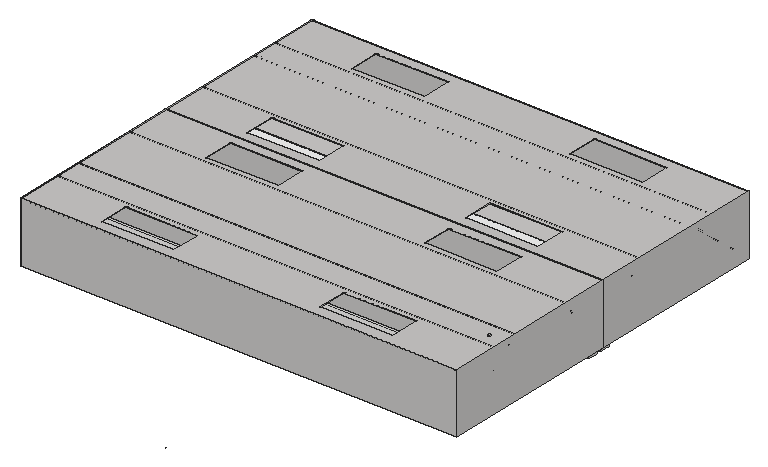
Revit family "QF_ELECTROLUXPROFESSIONAL_641397_STCF3036", category Attrezzature speciali, Revit 2021
Family settings
  Quota connettore circolare = Usa diametro
  Tipo di parte = Normale
  Basato su piano di lavoro = No
  Sempre verticale = Sì
  Taglio con vuoti quando caricato = No
  Condiviso = No
  Punto di calcolo locali = No
Parameters (values of type "Standard")
  Weight = 225.00 kg
  Watts = 640 W
  Volts = 220 V
  URL Manufacturer = "https://www.electroluxprofessional.com/"
  URL = "https://www.electroluxprofessional.com/"
  Steam Supply Size = 0 mm
  Steam Supply Minimum Pressure = 0.0 Pa
  Steam Supply Maximum Pressure = 0.0 Pa
  Steam Consumption per Hour = 0
  Refrigeration Suction Line Size = 0.0 mm
  Refrigeration Liquid Line Size = 0.0 mm
  Refrigerant Compressor Remote = yes
  Prospetto di default = 0.0 mm
  Produttore = "Electrolux Professional"
  Phase = 1
  Modello = "STCF3036"
  Length Actual = 3600.0 mm  # constant formula
  Item Number = "641397"
  Hot Water Size = 0 mm
  Height Actual = 500.0 mm  # constant formula
  HP = "0.9 HP"
  Gas Size = 0 mm
  Gas KW = 0
  Gas Input Pressure = 0 W
  Direct Waste Size = 0 mm
  Descrizione = "304 S/S ISLAND HOOD+FILT.+LAMPS 360X300"
  Depth Actual = 3000.0 mm  # constant formula
  Cycle = 50 Hz
  Condensate Return Size = 0 mm
  Compressed Air Volume = 0.0 L/s
  Compressed Air Size = 0 mm
  Compressed Air Pressure = 0.0 Pa
  Cold Water Size = 0 mm
  Accessory = yes
Reference planes
  plane 1 "Center (Front/Back)": y = 0
  plane 2: z = 0
  plane 3 "Center (Left/Right)": x = 400
  plane 4 "LEFT": x = -1400
  plane 5 "RIGHT": x = 2200
  plane 6 "BACK": y = 1500
  plane 7 "FRONT": y = -1500
  plane 8 "Base": z = 2000
  plane 9 "EIx": x = 2080
  plane 10 "Top": z = 2500
  plane 11 "BaseHood": z = 2000
  plane 12: y = -1020
Forms (mm)
  Extrusion 1, solid, material "QF_Finishes_Stainless Steel"
    sketch origin (0, -1020, 2500) x (0, 1, 0) y (-1, 0, 0)
      loop
        circle (0, -2080) r 10
    from 0 to 1.6
Dimensions and locks
  equal spacing: plane 6 "BACK", plane 1 "Center (Front/Back)", plane 7 "FRONT"
  plane 6 "BACK" to plane 7 "FRONT" = 3000.0 mm  (x2)
  locked: plane 9 "EIx" to plane 5 "RIGHT" at 120
  plane 11 "BaseHood" to level = 2000.0 mm
  plane 10 "Top" to plane 11 "BaseHood" = 500.0 mm
  equal spacing: plane 4 "LEFT", plane 3 "Center (Left/Right)", plane 5 "RIGHT"
  plane 4 "LEFT" to plane 5 "RIGHT" = 3600.0 mm
  nested 2 to plane 6 "BACK" = 1500.0 mm
  plane 12 to plane 7 "FRONT" = 480.0 mm
  aligned and locked: level to plane 2
Automatic sketch dimensions
  plane 1 "Center (Front/Back)" to Extrusion 1 sketch curve = 1020.0 mm
  Extrusion 1 sketch curve to plane 9 "EIx" = 0.0 mm
  radius of Extrusion 1 sketch curve = 10.0 mm
Nested families
  nested 1: "QF_ELECTROLUXPROFESSIONAL_641263" at (250, -550, 0), type "QF_ELECTROLUXPROFESSIONAL_641263"
  nested 2: "QF_ELECTROLUXPROFESSIONAL_641263" at (250, 550, 0), type "QF_ELECTROLUXPROFESSIONAL_641263"
Connectors
  hvac at (-500, -1289, 2505)
    settings: on nested 1, index 1, duct flow 0.0 L/s, flow factor 0, pres drop 0.0 Pa, loss coef 0, conn angle 0.00°, conn width 250 mm, conn height 600 mm, conn diameter 609.6 mm, duct sys type 1, conn prof type 1, flow config 1, flow direction 1, loss method 0, conn ref index -1, conn util no, is conn primary yes, conn desc "AIR INLET"
  hvac at (-500, 1289, 2505)
    settings: on nested 2, index 4, duct flow 0.0 L/s, flow factor 0, pres drop 0.0 Pa, loss coef 0, conn angle 0.00°, conn width 600 mm, conn height 250 mm, conn diameter 609.6 mm, duct sys type 1, conn prof type 1, flow config 1, flow direction 1, loss method 0, conn ref index -1, conn util no, is conn primary no, conn desc "AIR INLET"
  hvac at (1300, 1289, 2505)
    settings: on nested 2, index 5, duct flow 0.0 L/s, flow factor 0, pres drop 0.0 Pa, loss coef 0, conn angle 0.00°, conn width 600 mm, conn height 250 mm, conn diameter 609.6 mm, duct sys type 1, conn prof type 1, flow config 1, flow direction 1, loss method 0, conn ref index -1, conn util no, is conn primary no, conn desc "AIR INLET"
  hvac at (1300, -1289, 2505)
    settings: on nested 1, index 8, duct flow 0.0 L/s, flow factor 0, pres drop 0.0 Pa, loss coef 0, conn angle 0.00°, conn width 250 mm, conn height 600 mm, conn diameter 609.6 mm, duct sys type 1, conn prof type 1, flow config 1, flow direction 1, loss method 0, conn ref index -1, conn util no, is conn primary no, conn desc "AIR INLET"
  piping at (2080, 60, 1970), diameter 9.5
    settings: on nested 2, index 9, connector inside diameter 609.6 mm, connector length 0.0 mm, flow factor 0, pipe flow 0.0 L/s, pressure drop 0.0 Pa, fitting loss kfactor 0, connector angle 0.00°, fixture units 0, engagement length 0.0 mm, angle of deflection 0.00°, flow configuration 1, flow direction 2, fitting loss method 0, system type 16, joint type 0, gender type 0, connector reference index -1, connector utility 0, adjustable connector no, is connector primary yes, connector description "Drain"
  piping at (2080, -60, 1970), diameter 9.5
    settings: on nested 1, index 10, connector inside diameter 609.6 mm, connector length 0.0 mm, flow factor 0, pipe flow 0.0 L/s, pressure drop 0.0 Pa, fitting loss kfactor 0, connector angle 0.00°, fixture units 0, engagement length 0.0 mm, angle of deflection 0.00°, flow configuration 1, flow direction 2, fitting loss method 0, system type 16, joint type 0, gender type 0, connector reference index -1, connector utility 0, adjustable connector no, is connector primary no, connector description "Drain"
  electrical at (2080, -1020, 2501.6), driven by "Volts"
    settings: on Extrusion 1, index 11, voltage 220 V, apparent load 0 VA, apparent load phase1 0 VA, apparent load phase2 0 VA, apparent load phase3 0 VA, power factor 1, load classification "Other", number of poles 1, system type 30, power factor state 1, is connector primary yes, connector utility no, sub classification motor no, connector description "Electrical Connection"
  hvac at (-500, 211, 2500)
    settings: on nested 2, index 12, duct flow 0.0 L/s, flow factor 0, pres drop 0.0 Pa, loss coef 0, conn angle 0.00°, conn width 250 mm, conn height 600 mm, conn diameter 609.6 mm, duct sys type 3, conn prof type 1, flow config 1, flow direction 2, loss method 0, conn ref index -1, conn util no, is conn primary no, conn desc "EXHAUST OUTLET"
  hvac at (-500, -211, 2500)
    settings: on nested 1, index 13, duct flow 0.0 L/s, flow factor 0, pres drop 0.0 Pa, loss coef 0, conn angle 0.00°, conn width 600 mm, conn height 250 mm, conn diameter 609.6 mm, duct sys type 3, conn prof type 1, flow config 1, flow direction 2, loss method 0, conn ref index -1, conn util no, is conn primary no, conn desc "EXHAUST OUTLET"
  hvac at (1300, 211, 2500)
    settings: on nested 2, index 14, duct flow 0.0 L/s, flow factor 0, pres drop 0.0 Pa, loss coef 0, conn angle 0.00°, conn width 250 mm, conn height 600 mm, conn diameter 609.6 mm, duct sys type 3, conn prof type 1, flow config 1, flow direction 2, loss method 0, conn ref index -1, conn util no, is conn primary no, conn desc "EXHAUST OUTLET"
  hvac at (1300, -211, 2500)
    settings: on nested 1, index 15, duct flow 0.0 L/s, flow factor 0, pres drop 0.0 Pa, loss coef 0, conn angle 0.00°, conn width 600 mm, conn height 250 mm, conn diameter 609.6 mm, duct sys type 3, conn prof type 1, flow config 1, flow direction 2, loss method 0, conn ref index -1, conn util no, is conn primary no, conn desc "EXHAUST OUTLET"
Definition of nested family "QF_ELECTROLUXPROFESSIONAL_641263"
  Parameters
    Default Elevation = 0.0 mm
  Reference planes
    plane 1: z = 0
    plane 2 "Center (Left/Right)": x = 150
    plane 3 "LEFT": x = -1650
    plane 4 "RIGHT": x = 1950
    plane 5 "BACK": y = 550
    plane 6 "TOP": z = 2500
    plane 7 "Base": z = 2000
    plane 8: z = 1955
    plane 9 "DrainY": y = 490
    plane 10: x = -1647
    plane 11 "DrainX": x = 1830
    plane 12 "AOLeft2": x = -450
    plane 13 "AORight1": x = 750
    plane 14: x = 1947
    plane 15: x = -1450
    plane 16: x = 1750
    plane 17 "Center (Front/Back)": y = -200
    plane 18 "Front": y = -950
    plane 19 "AOLeft1": x = -1050
    plane 20 "AORight2": x = 1350
    plane 21: y = -864
    plane 22: y = -614
    plane 23 "EI_y": y = -470
    plane 24 "EIx": x = 1830
    plane 25: y = 464
    plane 26: y = 214
  Forms (mm)
    Extrusion 1, solid
      sketch origin (-1650, 0, 360) x (0, 1, 0) y (0, 0, 1)
        loop
          line (550, 1640) -> (550, 2140) -> (-950, 2140) -> (-950, 1640) -> (550, 1640)
      from 0 to 3
    Extrusion 2, solid
      sketch origin (1950, 0, 360) x (0, 1, 0) y (0, 0, 1)
        loop
          line (550, 1640) -> (550, 2140) -> (-950, 2140) -> (-950, 1640) -> (550, 1640)
      from 0 to -3
    Extrusion 3, solid
      sketch origin (150, 0, 360) x (0, 1, 0) y (0, 0, 1)
        loop
          line (-950, 2140) -> (-950, 1640) -> (-940, 1640) -> (-940, 1640.8) -> (-949.2, 1640.8) -> (-949.2, 2139.19) -> (549.2, 2139.19) -> (549.2, 1640.8) -> (540, 1640.8) -> (540, 1640) -> (550, 1640) -> (550, 2140) -> (-950, 2140)
      from -1800 to 1800
    Extrusion 4, solid
      sketch origin (0, 0, 2000) x (0, 1, 0) y (-1, 0, 0)
        loop
          circle (490, -1830) r 4.763
      from -30 to 0
    Extrusion 5, void
      sketch origin (0, 0, 2500) x (0, 1, 0) y (-1, 0, 0)
        loop
          line (-614, 450) -> (-614, 1050) -> (-864, 1050) -> (-864, 450) -> (-614, 450)
      from 0 to -10
    Extrusion 6, solid
      sketch origin (0, 0, 0) x (1, 0, 0) y (0, 1, 0)
        loop
          line (-1650, 550) -> (-1650, 549) -> (-1649, 549) -> (-1649, 550) -> (-1650, 550)
      from 0 to 1
    Extrusion 7, solid
      sketch origin (150, 0, 360) x (0, 1, 0) y (0, 0, 1)
        loop
          line (-572.823, 1962.324) -> (-418.948, 2086.929) -> (-427.129, 2097.032) -> (-581.003, 1972.426) -> (-572.823, 1962.324)
      from 1797 to -1797
    Sweep 8, solid
      path origin (0, 0, 0) x (1, 0, 0) y (0, 1, 0)
        loop
          line (1950, 550) -> (-1650, 550) -> (-1650, -950) -> (1950, -950) -> (1950, 550)
      profile origin (1950, -200, 0) x (1, 0, 0) y (0, 0, 1)
        loop
          line (-3, 2000) -> (-3, 2000.8) -> (-19, 2000.8) -> (-19, 2010) -> (-20, 2010) -> (-20, 2000) -> (-3, 2000)
    Extrusion 9, solid
      sketch origin (150, 0, 0) x (0, 1, 0) y (0, 0, 1)
        loop
          line (414.66, 2095.469) -> (440.643, 2110.471) -> (261.744, 2411.771) -> (235.948, 2396.455) -> (414.66, 2095.469)
      from -1797 to -1600
    Extrusion 10, void
      sketch origin (1134.605, 0, 2500) x (0, 1, 0) y (-1, 0, 0)
        loop
          line (-614, -215.395) -> (-614, 384.605) -> (-864, 384.605) -> (-864, -215.395) -> (-614, -215.395)
      from 0 to -10
    Extrusion 11, solid
      sketch origin (1830, 0, 0) x (0, 1, 0) y (0, 0, 1)
        loop
          line (539, 2000) -> (441, 2000) -> (441, 1989) -> (448.5, 1989) -> (448.5, 1965)
          arc (448.5, 1965) -> (451.429, 1957.929) -> (458.5, 1955) r 10
          line (458.5, 1955) -> (521.5, 1955)
          arc (521.5, 1955) -> (528.571, 1957.929) -> (531.5, 1965) r 10
          line (531.5, 1965) -> (531.5, 1989) -> (539, 1989) -> (539, 2000)
      from 90 to -90
    Extrusion 12, solid
      sketch origin (150, 0, 0) x (0, 1, 0) y (0, 0, 1)
        loop
          line (414.66, 2095.469) -> (440.643, 2110.471) -> (261.744, 2411.771) -> (235.948, 2396.455) -> (414.66, 2095.469)
      from 1600 to 1797
    Extrusion 13, solid
      sketch origin (150, 0, 0) x (0, 1, 0) y (0, 0, 1)
        loop
          line (414.66, 2095.469) -> (440.643, 2110.471) -> (261.744, 2411.771) -> (235.948, 2396.455) -> (414.66, 2095.469)
      from -1600 to 1600
    Extrusion 14, void
      sketch origin (0, 1180, 2500) x (0, 1, 0) y (-1, 0, 0)
        loop
          line (-716, 450) -> (-716, 1050) -> (-966, 1050) -> (-966, 450) -> (-716, 450)
      from 0 to -10
    Extrusion 15, void
      sketch origin (1600, 1180, 2500) x (0, 1, 0) y (-1, 0, 0)
        loop
          line (-716, 250) -> (-716, 850) -> (-966, 850) -> (-966, 250) -> (-716, 250)
      from 0 to -10
    Extrusion 16, solid
      sketch origin (150, 0, 360) x (0, 1, 0) y (0, 0, 1)
        loop
          line (430.005, 1640) -> (540, 1640) -> (540, 1640.8) -> (430.467, 1640.8) -> (371.906, 1742.23) -> (414.858, 1734.657) -> (442.266, 1750.481) -> (442.266, 1765.943) -> (441.466, 1765.943) -> (441.466, 1750.943) -> (414.709, 1735.495) -> (321.153, 1751.991) -> (320.875, 1750.416) -> (371.4, 1741.507) -> (430.005, 1640)
        loop
          line (172.529, 2139.19) -> (242.893, 2017.316) -> (245.133, 2018.715) -> (240.13, 2027.381) -> (238.569, 2026.405) -> (173.453, 2139.19) -> (172.529, 2139.19)
      from -1797 to 1797
    Extrusion 17, solid
      sketch origin (150, 200.8, 360) x (0, 1, 0) y (0, 0, 1)
        loop
          line (-1150, 2139.19) -> (-1150, 1640) -> (-1086.602, 1640) -> (-999.146, 1690.493) -> (-1010.058, 1709.394) -> (-1066.564, 1676.77) -> (-1114.704, 1680.982) -> (-1149.2, 1730.248) -> (-1149.2, 2139.19) -> (-1150, 2139.19)
        loop
          line (-773.6, 1961.694) -> (-781.937, 1971.99) -> (-769.095, 1982.182) -> (-769.095, 2139.19) -> (-769.895, 2139.19) -> (-769.895, 1982.569) -> (-1082.298, 1734.63) -> (-1071.091, 1720.79) -> (-773.6, 1961.694)
        loop
          line (-627.61, 2099.216) -> (-618.171, 2087.559) -> (-554.411, 2139.19) -> (-555.682, 2139.19) -> (-618.052, 2088.684) -> (-626.989, 2099.719) -> (-627.61, 2099.216)
      from -1797 to 1797
  Cuts and joins
    Extrusion 5, Extrusion 10, Extrusion 14, Extrusion 15 cuts Extrusion 3
    joined: Extrusion 2, Extrusion 3, Sweep 8
  Lines and regions (mm)
    symbolic lines, detail levels coarse
      curve 1: line (1950, 550, 2500) -> (-1650, 550, 2500)
      curve 2: line (-1650, 550, 2500) -> (-1650, -950, 2500)
      curve 3: line (1950, -950, 2500) -> (1950, 550, 2500)
      curve 4: line (-1650, 550, 0) -> (1950, -950, 0)
      curve 5: line (1950, 550, 0) -> (-1650, -950, 0)
      curve 6: line (-1650, -950, 0) -> (1950, -950, 0)
      curve 7: line (-1050, 214, 2500) -> (-450, 214, 2500)
      curve 8: line (-1050, 464, 2500) -> (-1050, 214, 2500)
      curve 9: line (-450, 464, 2500) -> (-1050, 464, 2500)
      curve 10: line (-450, 214, 2500) -> (-450, 464, 2500)
      curve 11: line (750, 464, 2500) -> (750, 214, 2500)
      curve 12: line (1350, 464, 2500) -> (750, 464, 2500)
      curve 13: line (750, 214, 2500) -> (1350, 214, 2500)
      curve 14: line (1350, 214, 2500) -> (1350, 464, 2500)
    symbolic lines
      curve 15: line (-1050, -614, 0) -> (-450, -614, 0)
      curve 16: line (-1050, -864, 0) -> (-1050, -614, 0)
      curve 17: line (-450, -864, 0) -> (-1050, -864, 0)
      curve 18: line (-450, -614, 0) -> (-450, -864, 0)
      curve 19: line (750, -614, 0) -> (1350, -614, 0)
      curve 20: line (750, -864, 0) -> (750, -614, 0)
      curve 21: line (1350, -864, 0) -> (750, -864, 0)
      curve 22: line (1350, -614, 0) -> (1350, -864, 0)
  Dimensions and locks
    plane 3 "LEFT" to plane 4 "RIGHT" = 3600.0 mm
    equal spacing: plane 3 "LEFT", plane 2 "Center (Left/Right)", plane 4 "RIGHT"
    plane 7 "Base" to plane 8 = 45.0 mm
    plane 5 "BACK" to plane 9 "DrainY" = 60.0 mm  (x2)
    plane 3 "LEFT" to plane 10 = 3.0 mm
    plane 11 "DrainX" to plane 4 "RIGHT" = 120.0 mm
    plane 14 to plane 4 "RIGHT" = 3.0 mm
    plane 3 "LEFT" to plane 15 = 200.0 mm
    plane 16 to plane 4 "RIGHT" = 200.0 mm
    locked: plane 12 "AOLeft2" to plane 13 "AORight1" at 1200
    equal spacing: plane 12 "AOLeft2", plane 2 "Center (Left/Right)", plane 13 "AORight1"
    locked: plane 7 "Base" to level at 2000
    locked: plane 6 "TOP" to plane 7 "Base" at 500
    locked: plane 19 "AOLeft1" to plane 12 "AOLeft2" at 600
    locked: plane 13 "AORight1" to plane 20 "AORight2" at 600
    locked: plane 22 to plane 21 at 250
    locked: plane 21 to plane 18 "Front" at 86
    locked: plane 23 "EI_y" to plane 18 "Front" at 480
    locked: plane 24 "EIx" to plane 4 "RIGHT" at 120
    locked: plane 5 "BACK" to plane 18 "Front" at 1500
    plane 5 "BACK" to plane 18 "Front" = 1500.0 mm
    equal spacing: plane 5 "BACK", plane 17 "Center (Front/Back)", plane 18 "Front"
    locked: plane 26 to plane 25 at 250
    plane 5 "BACK" to plane 25 = 86.0 mm
    aligned and locked: level to plane 1
    aligned and locked: plane 4 "RIGHT" to Extrusion 3
    aligned and locked: Extrusion 3 to plane 3 "LEFT"
    aligned and locked: Extrusion 2 to plane 14
    aligned and locked: Extrusion 9 to plane 10
    aligned and locked: Extrusion 5 to plane 19 "AOLeft1"
    aligned and locked: Extrusion 5 to plane 12 "AOLeft2"
    aligned and locked: plane 20 "AORight2" to Extrusion 10
    aligned and locked: plane 13 "AORight1" to Extrusion 10
    aligned and locked: plane 15 to Extrusion 9
    aligned and locked: plane 16 to Extrusion 12
    aligned and locked: plane 14 to Extrusion 12
    aligned and locked: Extrusion 13 to plane 15
    aligned and locked: Extrusion 13 to plane 16
    aligned and locked: plane 14 to Extrusion 7
    aligned and locked: Extrusion 7 to plane 10
    aligned and locked: plane 13 "AORight1" to Extrusion 15
    aligned and locked: plane 20 "AORight2" to Extrusion 15
    aligned and locked: Extrusion 14 to plane 19 "AOLeft1"
    aligned and locked: Extrusion 14 to plane 12 "AOLeft2"
    aligned and locked: Extrusion 16 to plane 10
    aligned and locked: plane 14 to Extrusion 16
    aligned and locked: Extrusion 5 to plane 21
    aligned and locked: plane 22 to Extrusion 5
    aligned and locked: Extrusion 10 to plane 21
    aligned and locked: Extrusion 17 to plane 10
    aligned and locked: plane 14 to Extrusion 17
    aligned and locked: cut or joined group of Extrusion 2, Extrusion 3, Extrusion 5, Sweep 8, Extrusion 10, Extrusion 14, Extrusion 15 to plane 25  (x2)
    aligned and locked: curve 9 to plane 25
    aligned and locked: plane 26 to cut or joined group of Extrusion 2, Extrusion 3, Extrusion 5, Sweep 8, Extrusion 10, Extrusion 14, Extrusion 15  (x2)
    aligned and locked: curve 12 to plane 25
    aligned and locked: cut or joined group of Extrusion 2, Extrusion 3, Extrusion 5, Sweep 8, Extrusion 10, Extrusion 14, Extrusion 15 to plane 26
    aligned and locked: plane 26 to curve 7
    aligned and locked: plane 26 to curve 13
  Automatic sketch dimensions
    Extrusion 4 sketch curve to plane 9 "DrainY" = 0.0 mm
    Extrusion 4 sketch curve to plane 11 "DrainX" = 0.0 mm
    Extrusion 9 sketch curve to plane 9 "DrainY" = 75.34 mm
    Extrusion 9 sketch curve to Extrusion 9 sketch curve = 25.983 mm
    plane 7 "Base" to Extrusion 9 sketch curve = 95.469 mm
    Extrusion 9 sketch curve to Extrusion 9 sketch curve = 15.001 mm
    Extrusion 9 sketch curve to plane 6 "TOP" = 103.545 mm
    Extrusion 9 sketch curve to Extrusion 9 sketch curve = 15.316 mm
    Extrusion 12 sketch curve to plane 9 "DrainY" = 75.34 mm
    Extrusion 12 sketch curve to Extrusion 12 sketch curve = 25.983 mm
    plane 7 "Base" to Extrusion 12 sketch curve = 95.469 mm
    Extrusion 12 sketch curve to Extrusion 12 sketch curve = 15.001 mm
    Extrusion 12 sketch curve to plane 6 "TOP" = 103.545 mm
    Extrusion 12 sketch curve to Extrusion 12 sketch curve = 15.316 mm
    Extrusion 13 sketch curve to plane 9 "DrainY" = 75.34 mm
    Extrusion 13 sketch curve to Extrusion 13 sketch curve = 25.983 mm
    plane 7 "Base" to Extrusion 13 sketch curve = 95.469 mm
    Extrusion 13 sketch curve to Extrusion 13 sketch curve = 15.001 mm
    Extrusion 13 sketch curve to plane 6 "TOP" = 103.545 mm
    Extrusion 13 sketch curve to Extrusion 13 sketch curve = 15.316 mm
    Extrusion 16 sketch curve to plane 7 "Base" = 0.0 mm
    Extrusion 16 sketch curve to plane 6 "TOP" = 0.81 mm
    Extrusion 16 sketch curve to Extrusion 16 sketch curve = 0.924 mm
    Extrusion 16 sketch curve to Extrusion 16 sketch curve = 2.24 mm
    Extrusion 16 sketch curve to Extrusion 16 sketch curve = 0.278 mm
    Extrusion 16 sketch curve to Extrusion 16 sketch curve = 50.525 mm
    Extrusion 16 sketch curve to Extrusion 16 sketch curve = 0.506 mm
    Extrusion 16 sketch curve to Extrusion 16 sketch curve = 42.803 mm
    Extrusion 16 sketch curve to Extrusion 16 sketch curve = 0.148 mm
    Extrusion 16 sketch curve to plane 9 "DrainY" = 59.995 mm
    plane 7 "Base" to Extrusion 16 sketch curve = 0.8 mm
    Extrusion 16 sketch curve to Extrusion 16 sketch curve = 0.462 mm  (x2)
    Extrusion 16 sketch curve to Extrusion 16 sketch curve = 109.533 mm
    Extrusion 16 sketch curve to Extrusion 16 sketch curve = 26.757 mm
    Extrusion 16 sketch curve to Extrusion 16 sketch curve = 0.8 mm
    plane 7 "Base" to Extrusion 16 sketch curve = 94.657 mm
    Extrusion 16 sketch curve to Extrusion 16 sketch curve = 0.838 mm
    Extrusion 16 sketch curve to Extrusion 16 sketch curve = 6.012 mm
    Extrusion 16 sketch curve to Extrusion 16 sketch curve = 0.723 mm
    Extrusion 16 sketch curve to Extrusion 16 sketch curve = 14.986 mm
    Extrusion 16 sketch curve to Extrusion 16 sketch curve = 15.0 mm
    Extrusion 16 sketch curve to plane 6 "TOP" = 122.684 mm
    Extrusion 16 sketch curve to Extrusion 16 sketch curve = 1.399 mm
    Extrusion 16 sketch curve to Extrusion 16 sketch curve = 9.089 mm
    Extrusion 16 sketch curve to Extrusion 16 sketch curve = 0.975 mm
    Extrusion 9 sketch curve to plane 9 "DrainY" = 228.256 mm
    Extrusion 9 sketch curve to Extrusion 9 sketch curve = 25.795 mm
    Extrusion 12 sketch curve to plane 9 "DrainY" = 228.256 mm
    Extrusion 12 sketch curve to Extrusion 12 sketch curve = 25.795 mm
    Extrusion 13 sketch curve to plane 9 "DrainY" = 228.256 mm
    Extrusion 13 sketch curve to Extrusion 13 sketch curve = 25.795 mm
    Extrusion 16 sketch curve to plane 9 "DrainY" = 75.142 mm
    Extrusion 16 sketch curve to plane 9 "DrainY" = 244.867 mm
    Extrusion 16 sketch curve to Extrusion 16 sketch curve = 5.003 mm
    Extrusion 16 sketch curve to Extrusion 16 sketch curve = 1.561 mm
    Extrusion 16 sketch curve to Extrusion 16 sketch curve = 66.677 mm
    curve 6 to plane 3 "LEFT" = 0.0 mm
    curve 4 to plane 3 "LEFT" = 0.0 mm
    curve 16 to plane 19 "AOLeft1" = 0.0 mm
    curve 18 to plane 12 "AOLeft2" = 0.0 mm
    curve 20 to plane 13 "AORight1" = 0.0 mm
    curve 22 to plane 20 "AORight2" = 0.0 mm
    curve 6 to plane 4 "RIGHT" = 0.0 mm
    curve 5 to plane 4 "RIGHT" = 0.0 mm
    curve 4 to plane 18 "Front" = 0.0 mm
    curve 21 to plane 21 = 0.0 mm
    curve 17 to plane 21 = 0.0 mm
    curve 18 to plane 22 = 0.0 mm
    curve 19 to plane 22 = 0.0 mm
    curve 4 to plane 5 "BACK" = 0.0 mm
    curve 5 to plane 5 "BACK" = 0.0 mm
    curve 2 to plane 3 "LEFT" = 0.0 mm
    curve 2 to plane 18 "Front" = 0.0 mm
    curve 3 to plane 4 "RIGHT" = 0.0 mm
    curve 3 to plane 18 "Front" = 0.0 mm
    curve 13 to plane 20 "AORight2" = 0.0 mm
    curve 11 to plane 13 "AORight1" = 0.0 mm
    curve 7 to plane 19 "AOLeft1" = 0.0 mm
    curve 7 to plane 12 "AOLeft2" = 0.0 mm
    curve 2 to plane 5 "BACK" = 0.0 mm
    Extrusion 1 sketch curve to plane 7 "Base" = 0.0 mm
    Extrusion 1 sketch curve to plane 18 "Front" = 0.0 mm
    Extrusion 1 sketch curve to plane 5 "BACK" = 0.0 mm
    Extrusion 1 sketch curve to plane 6 "TOP" = 0.0 mm
    Extrusion 2 sketch curve to plane 7 "Base" = 0.0 mm
    Extrusion 2 sketch curve to plane 18 "Front" = 0.0 mm
    Extrusion 2 sketch curve to plane 5 "BACK" = 0.0 mm
    Extrusion 2 sketch curve to plane 6 "TOP" = 0.0 mm
    Extrusion 3 sketch curve to plane 6 "TOP" = 0.0 mm
    Extrusion 3 sketch curve to plane 18 "Front" = 0.0 mm
    Extrusion 3 sketch curve to plane 7 "Base" = 0.0 mm  (x2)
    Extrusion 3 sketch curve to plane 5 "BACK" = 0.0 mm
    plane 18 "Front" to Extrusion 3 sketch curve = 0.8 mm
    Extrusion 3 sketch curve to Extrusion 3 sketch curve = 9.2 mm
    plane 7 "Base" to Extrusion 3 sketch curve = 0.8 mm  (x2)
    Extrusion 3 sketch curve to plane 5 "BACK" = 10.0 mm
    Extrusion 3 sketch curve to plane 5 "BACK" = 0.8 mm
    Extrusion 3 sketch curve to plane 6 "TOP" = 0.81 mm
    Extrusion 5 sketch curve to plane 12 "AOLeft2" = 0.0 mm
    Extrusion 5 sketch curve to plane 21 = 0.0 mm
    Extrusion 5 sketch curve to plane 22 = 0.0 mm
    Extrusion 5 sketch curve to plane 19 "AOLeft1" = 0.0 mm
    Extrusion 6 sketch curve to plane 3 "LEFT" = 0.0 mm
    Extrusion 6 sketch curve to plane 5 "BACK" = 0.0 mm
    plane 3 "LEFT" to Extrusion 6 sketch curve = 1.0 mm
    Extrusion 6 sketch curve to Extrusion 6 sketch curve = 1.0 mm
    plane 22 to Extrusion 7 sketch curve = 32.997 mm
    Extrusion 7 sketch curve to Extrusion 7 sketch curve = 8.181 mm  (x2)
    plane 23 "EI_y" to Extrusion 7 sketch curve = 42.871 mm
    Extrusion 7 sketch curve to plane 6 "TOP" = 177.676 mm
    Extrusion 7 sketch curve to Extrusion 7 sketch curve = 10.102 mm
    Extrusion 7 sketch curve to plane 6 "TOP" = 53.071 mm
    Extrusion 7 sketch curve to Extrusion 7 sketch curve = 10.103 mm
    Sweep 8 sketch curve to plane 3 "LEFT" = 0.0 mm
    Sweep 8 sketch curve to plane 4 "RIGHT" = 0.0 mm
    Sweep 8 sketch curve to plane 18 "Front" = 0.0 mm
    Sweep 8 sketch curve to plane 5 "BACK" = 0.0 mm
    profile plane to Sweep 8 sketch curve = 20.0 mm
    Sweep 8 sketch curve to Sweep 8 sketch curve = 1.0 mm
    profile plane to Sweep 8 sketch curve = 3.0 mm
    level to Sweep 8 sketch curve = 2000.0 mm
    Sweep 8 sketch curve to Sweep 8 sketch curve = 0.8 mm
    Sweep 8 sketch curve to Sweep 8 sketch curve = 9.2 mm
    Extrusion 10 sketch curve to plane 20 "AORight2" = 0.0 mm
    Extrusion 10 sketch curve to plane 21 = 0.0 mm
    Extrusion 10 sketch curve to plane 22 = 0.0 mm
    Extrusion 10 sketch curve to plane 13 "AORight1" = 0.0 mm
    Extrusion 11 sketch curve to plane 7 "Base" = 0.0 mm
    Extrusion 11 sketch curve to plane 8 = 0.0 mm
    Extrusion 11 sketch curve to plane 7 "Base" = 11.0 mm  (x2)
    plane 25 to Extrusion 11 sketch curve = 23.0 mm
    Extrusion 11 sketch curve to Extrusion 11 sketch curve = 7.5 mm  (x2)
    plane 25 to Extrusion 11 sketch curve = 5.5 mm
    Extrusion 11 sketch curve to plane 5 "BACK" = 28.5 mm
    Extrusion 11 sketch curve to plane 5 "BACK" = 18.5 mm
    Extrusion 14 sketch curve to plane 12 "AOLeft2" = 0.0 mm
    Extrusion 14 sketch curve to plane 19 "AOLeft1" = 0.0 mm
    Extrusion 14 sketch curve to plane 9 "DrainY" = 26.0 mm
    Extrusion 14 sketch curve to plane 26 = 0.0 mm
    Extrusion 15 sketch curve to plane 20 "AORight2" = 0.0 mm
    Extrusion 15 sketch curve to plane 13 "AORight1" = 0.0 mm
    Extrusion 15 sketch curve to plane 9 "DrainY" = 26.0 mm
    Extrusion 15 sketch curve to plane 26 = 0.0 mm
    Extrusion 17 sketch curve to plane 7 "Base" = 0.0 mm
    plane 18 "Front" to Extrusion 17 sketch curve = 0.8 mm
    Extrusion 17 sketch curve to Extrusion 17 sketch curve = 0.8 mm  (x2)
    plane 18 "Front" to Extrusion 17 sketch curve = 36.096 mm
    Extrusion 17 sketch curve to plane 21 = 21.802 mm
    Extrusion 17 sketch curve to plane 21 = 17.498 mm
    Extrusion 17 sketch curve to plane 21 = 6.291 mm
    Extrusion 17 sketch curve to plane 21 = 1.764 mm
    plane 21 to Extrusion 17 sketch curve = 54.742 mm
    Extrusion 17 sketch curve to Extrusion 17 sketch curve = 10.912 mm
    plane 22 to Extrusion 17 sketch curve = 32.863 mm
    Extrusion 17 sketch curve to Extrusion 17 sketch curve = 8.337 mm
    Extrusion 17 sketch curve to Extrusion 17 sketch curve = 12.042 mm
    plane 23 "EI_y" to Extrusion 17 sketch curve = 43.19 mm
    Extrusion 17 sketch curve to Extrusion 17 sketch curve = 0.622 mm
    Extrusion 17 sketch curve to Extrusion 17 sketch curve = 9.44 mm
    Extrusion 17 sketch curve to Extrusion 17 sketch curve = 0.118 mm
    Extrusion 17 sketch curve to plane 6 "TOP" = 0.81 mm  (x3)
    Extrusion 17 sketch curve to Extrusion 17 sketch curve = 62.37 mm
    Extrusion 17 sketch curve to Extrusion 17 sketch curve = 1.271 mm
    plane 7 "Base" to Extrusion 17 sketch curve = 36.77 mm
    plane 7 "Base" to Extrusion 17 sketch curve = 40.982 mm
    plane 7 "Base" to Extrusion 17 sketch curve = 50.493 mm
    Extrusion 17 sketch curve to Extrusion 17 sketch curve = 18.901 mm
    Extrusion 17 sketch curve to Extrusion 17 sketch curve = 44.02 mm
    Extrusion 17 sketch curve to Extrusion 17 sketch curve = 49.266 mm
    Extrusion 17 sketch curve to Extrusion 17 sketch curve = 13.84 mm
    Extrusion 17 sketch curve to plane 6 "TOP" = 178.306 mm
    Extrusion 17 sketch curve to Extrusion 17 sketch curve = 10.296 mm
    Extrusion 17 sketch curve to Extrusion 17 sketch curve = 10.192 mm
    Extrusion 17 sketch curve to Extrusion 17 sketch curve = 0.386 mm
    Extrusion 17 sketch curve to plane 6 "TOP" = 52.441 mm
    Extrusion 17 sketch curve to Extrusion 17 sketch curve = 1.125 mm
    radius of Extrusion 4 sketch curve = 4.763 mm
